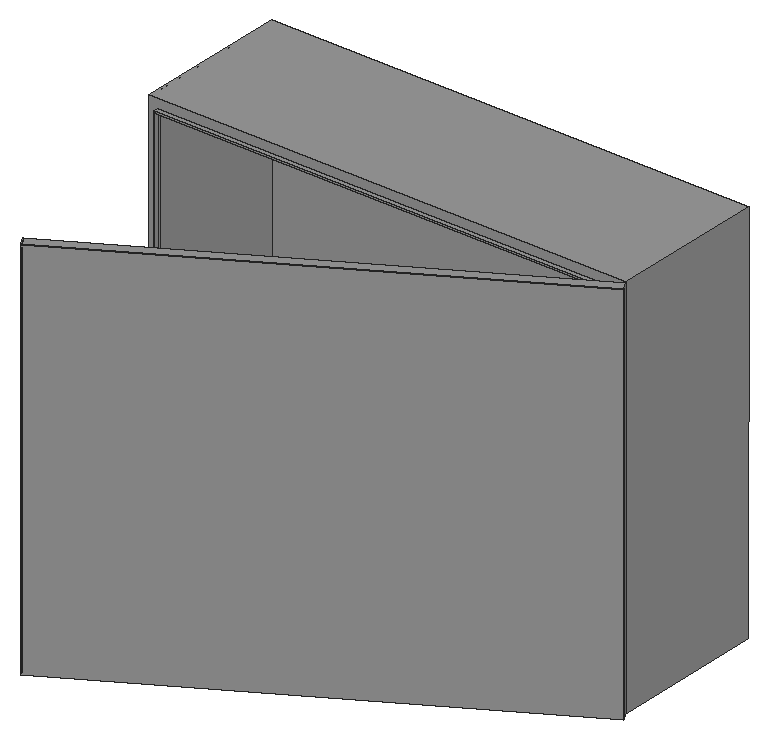
Revit family "Hager-Univers-IP55-D275-H650-Cl.II-Steel_encl-NoHosted-DE-de", category Equipement électrique, Revit 2020
Family settings
  Configuration du panneau = Deux colonnes, circuits au sein
  Cote de connecteur circulaire = Utiliser le diamètre
  Type d'élément = Tableau de raccordement
  Basée sur le plan de construction = Oui
  Toujours verticalement = Oui
  Couper avec des vides une fois chargée = Non
  Partagée = Non
  Point de calcul de pièce = Non
Parameters (values of type "Aufputz IP55 B800 H650 T275  - FR43S")
  Width Control [instance] = if([EF000008 - Breite] > Min Width, [EF000008 - Breite], Min Width)  # 800 mm
  Commentaires du type = [HG000003 - Bereich]  # "Univers"
  Thickness Door [instance] = if([EF009171 - Materialstärke Tür/Deckel] > 3 mm, 3 mm, [EF009171 - Materialstärke Tür/Deckel])  # 1.5 mm
  Seal Frame Offset [instance] = 17 mm  # constant formula
  Plinth Visibility [instance] = [HG000027 - Sockelhöhe] > 0 mm  # no
  Min Width [instance] = 100 mm  # constant formula
  Min Depth [instance] = (2 * [EF009170 - Materialstärke Gehäuse]) + 1 mm  # 4 mm
  Min Height [instance] = 100 mm  # constant formula
  Internal Frame Depth [instance] = (Door System Depth * 0.5)  # 9 mm
  Panel Name [instance] = ""  # (empty or 0)
  Model = ""
  HG000027 - Sockelhöhe = 0 mm
  HG000026 - Stehend auf dem Boden = no
  HG000024 - Höhe des unteren Teils = 600 mm
  HG000023 - Gehäuse mit doppeltem Querschnitt = no
  HG000016 - 3D-Türsichtbarkeit [instance] = yes
  HG000015 - Sichtbarkeit der Türöffnung [instance] = no
  HG000014 - Tür rechts [instance] = yes
  HG000013 - Tür links [instance] = not([HG000014 - Tür rechts])  # no
  HG000012 - Türschwenkwinkel [instance] = 30.00°
  HG000010 - Asymmetrische Türen = no
  HG000009 - Doppelflügeligen Tür = no
  HG000006 - Unterputz = no
  HG000004 - Herstellerreferenz = "FR43S"
  HG000003 - Bereich = "Univers"
  HG000002 - Mit tür = yes
  Frame Offset Bottom [instance] = 10 mm  # constant formula
  Frame Offset [instance] = 15 mm  # constant formula
  EF015940 - Deckel mit Überdruckentlastung = no
  EF011959 - Schutzart (NEMA) = ""
  EF009554 - Anzahl der Öffnungen für Flanschplatten = 6
  EF009212 - Ausführung Deckel = "EV000116 - geschlossen"
  EF009171 - Materialstärke Tür/Deckel = 1.5 mm
  EF009170 - Materialstärke Gehäuse = 1.5 mm
  EF008873 - Nennstrom (In) = 800 A
  EF007800 - Geeignet für Blitzschutz = no
  EF006306 - Mit Schloss = no
  EF006244 - Transparenter Deckel/Tür = no
  EF005474 - Schutzart (IP) = "EV006420 - IP55"
  EF004464 - Art der Tür = "EV002646 - Einzel"
  EF004427 - Anzahl der Module = 144
  EF004293 - Schlagfestigkeit = "EV008784 - IK10"
  EF003532 - Geeignet für Außengebrauch = no
  EF002950 - Breite in Teilungseinheiten = 24
  EF001613 - Funktionserhalt = "EV000494 - ohne"
  EF001596 - Werkstoff des Gehäuses = "EV000179 - Stahl"
  EF001131 - Innentiefe = 275 mm
  EF001088 - Anbaumöglichkeit = yes
  EF000437 - Anzahl der Leitungseinführungen = 6
  EF000339 - Art der Abdeckung = "EV004216 - Tür"
  EF000266 - Anzahl der Reihen = 4
  EF000218 - Einbautiefe = 0 mm
  EF000118 - Mit Montageplatte = no
  EF000116 - RAL-Nummer = "7035"
  EF000049 - Tiefe = 275 mm
  EF000040 - Höhe = 650 mm
  EF000008 - Breite = 800 mm
  EF000007 - Farbe = "EV000270 - grau"
  EF000003 - Montageart = "EV000384 - Aufputz"
  Door System Leaf Tolerance [instance] = 1.5 mm  # constant formula
  Door System Depth [instance] = 18 mm  # constant formula
  Door Height [instance] = Height Control - [HG000027 - Sockelhöhe]  # 650 mm
  Description = ""
  Default Elevation = 1219.2 mm
  Connector Offset [instance] = Height Control / 2  # 325 mm
  Fabricant = "Hager"  # constant formula
  Height Control [instance] = if([EF000040 - Höhe] > Min Height, [EF000040 - Höhe], Min Height)  # 650 mm
  Depth Control [instance] = if([EF000049 - Tiefe] > Min Depth, [EF000049 - Tiefe], Min Depth)  # 275 mm
  Bottom Top Plate Trim [instance] = 1.5 mm  # constant formula
  Plinth height Ctrl [instance] = if([HG000027 - Sockelhöhe] > 0 mm, [HG000027 - Sockelhöhe], 12 mm)  # 12 mm
Types (5, lengths in mm): name | Width Control | HG000010 - Asymmetrische Türen | HG000009 - Doppelflügeligen Tür | HG000004 - Herstellerreferenz | EF009554 - Anzahl der Öffnungen für Flanschplatten | EF004464 - Art der Tür | EF004427 - Anzahl der Module | EF000437 - Anzahl der Leitungseinführungen | EF000008 - Breite
  Aufputz IP55 B1050 H650 T275  - FR44S | 1050 | no | yes | "FR44S" | 8 | "EV003602 - Doppel" | 192 | 8 | 1050
  Aufputz IP55 B1300 H650 T275  - FR45S | 1300 | yes | yes | "FR45S" | 10 | "EV003602 - Doppel" | 240 | 10 | 1300
  Aufputz IP55 B300 H650 T275  - FR41S | 300 | no | no | "FR41S" | 2 | "EV002646 - Einzel" | 48 | 2 | 300
  Aufputz IP55 B550 H650 T275  - FR42S | 550 | no | no | "FR42S" | 4 | "EV002646 - Einzel" | 96 | 4 | 550
  Aufputz IP55 B800 H650 T275  - FR43S | 800 | no | no | "FR43S" | 6 | "EV002646 - Einzel" | 144 | 6 | 800
Reference planes
  plane 1 "Center (Front/Back)": y = 0
  plane 2: z = 0
  plane 3 "Center (Left/Right)": x = 0
  plane 4: y = 0
  plane 5: y = 0
  plane 6: z = 0
  plane 7: x = -400
  plane 8: x = 400
  plane 9: x = 398.5
  plane 10: x = -398.5
  plane 11: z = 0
  plane 12: z = 1.5
  plane 13: y = -275
  plane 14: y = -1.5
  plane 15: x = 0
  plane 16: y = -257
  plane 17: y = -273.5
  plane 18: y = -255.5
  plane 19: x = -383.5
  plane 20: x = 383.5
  plane 21: z = 11.5
  plane 22: x = -383
  plane 23: x = 383
  plane 24: z = 0
  plane 25: z = 650
  plane 26: z = 650
  plane 27: z = 633.5
  plane 28: z = 648.5
Forms (mm)
  Extrusion 1, solid, material "Hager_Steel_RAL7035_Light_Grey", detail levels medium+fine
    sketch origin (-208.679, -4572, 0) x (-1, 0, 0) y (0, -1, 0)
      loop
        line (191.321, -4315) -> (-608.679, -4315) -> (-608.679, -4572) -> (191.321, -4572) -> (191.321, -4315)
    from 0 to 650
  Extrusion 2, void
    sketch origin (-350.771, -275, 1219.2) x (1, 0, 0) y (0, 0, 1)
      loop
        line (-47.729, -570.7) -> (-47.729, -1217.7) -> (749.271, -1217.7) -> (749.271, -570.7) -> (-47.729, -570.7)
    from -19.5 to -273.5
  Extrusion 3, void
    sketch origin (-290.084, -257, 1219.2) x (1, 0, 0) y (0, 0, 1)
      loop
        line (-93.416, -1207.7) -> (673.584, -1207.7) -> (673.584, -585.7) -> (-93.416, -585.7) -> (-93.416, -1207.7)
    from 0 to -1.5
  Extrusion 4, solid, material "Hager_Steel_RAL7035_Light_Grey", visible <- "Plinth Visibility", detail levels medium+fine
    sketch origin (0, 0, 0) x (1, 0, 0) y (0, 1, 0)
      loop
        line (-400, 0) -> (-400, -257) -> (400, -257) -> (400, 0) -> (-400, 0)
    from 0 to 12 <- "Plinth height Ctrl"
  Extrusion 5, solid, material "Hager_Steel_RAL7035_Light_Grey", detail levels coarse
    sketch origin (0, 0, 0) x (1, 0, 0) y (0, 1, 0)
      loop
        line (-400, 0) -> (-400, -275) -> (400, -275) -> (400, 0) -> (-400, 0)
    from 0 to 650 <- "Height Control"
  Sweep 6, void
    path in 3D
      loop
        line (-400, -257, 12) -> (400, -257, 12) -> (400, 0, 12) -> (-400, 0, 12) -> (-400, -257, 12)
    profile origin (-400, -128.5, 12) x (1, 0, 0) y (0, 0, 1)
      loop
        line (0, 0) -> (0, -1.5) -> (1.5, -1.5)
        arc (1.5, -1.5) -> (1.061, -0.439) -> (0, 0) r 1.5
  Extrusion 7, solid, material "Hager_Steel_RAL7035_Light_Grey", detail levels fine
    sketch origin (-400, -257, 0) x (1, 0, 0) y (0, 0, 1)
      loop
        line (16.5, 11.5) -> (783.5, 11.5) -> (783.5, 633.5) -> (16.5, 633.5) -> (16.5, 11.5)
      loop
        line (15, 10) -> (785, 10) -> (785, 635) -> (15, 635) -> (15, 10)
    from 0 to 9 <- "Internal Frame Depth"
Cuts and joins
  Extrusion 2, Extrusion 3 cuts Extrusion 1
  Sweep 6 cuts Extrusion 4
Lines and regions (mm)
  Masking region 1
    outline origin (0, 0, 0) x (1, 0, 0) y (0, 1, 0)
      loop
        line (-400, 0) -> (-400, -275) -> (400, -275) -> (400, 0) -> (-400, 0)
  Masking region 2, detail levels coarse
    outline origin (-290.084, -257, 1219.2) x (-1, 0, 0) y (0, 0, 1)
      loop
        line (-690.084, -1219.2) -> (109.916, -1219.2) -> (109.916, -569.2) -> (-690.084, -569.2) -> (-690.084, -1219.2)
  Masking region 3, detail levels coarse
    outline origin (0, 0, 0) x (0, 1, 0) y (0, 0, 1)
      loop
        line (0, 0) -> (0, 650) -> (-275, 650) -> (-275, 0) -> (0, 0)
  Masking region 4, visible <- "Plinth Visibility", detail levels medium+fine
    outline origin (0, 0, 0) x (0, 1, 0) y (0, 0, 1)
      loop
        line (-1.5, 12) -> (-255.5, 12)
        arc (-255.5, 12) -> (-255.939, 10.939) -> (-257, 10.5) r 1.5
        line (-257, 10.5) -> (-257, 0) -> (0, 0) -> (0, 10.5)
        arc (0, 10.5) -> (-1.061, 10.939) -> (-1.5, 12) r 1.5
  Masking region 5, detail levels medium+fine
    outline origin (0, 0, 594.038) x (0, 1, 0) y (0, 0, 1)
      loop
        line (0, -594.038) -> (0, 55.962) -> (-257, 55.962) -> (-257, -594.038) -> (0, -594.038)
  Masking region 6, detail levels medium+fine
    outline origin (-359.7, -257, 1211.883) x (-1, 0, 0) y (0, 0, 1)
      loop
        line (-759.7, -1211.883) -> (40.3, -1211.883) -> (40.3, -561.883) -> (-759.7, -561.883) -> (-759.7, -1211.883)
  Masking region 7, visible <- "Plinth Visibility", detail levels medium+fine
    outline origin (-320.334, -257, 1041.368) x (-1, 0, 0) y (0, 0, 1)
      loop
        line (-720.334, -1041.368) -> (79.666, -1041.368) -> (79.666, -1030.868)
        arc (79.666, -1030.868) -> (78.606, -1030.429) -> (78.166, -1029.368) r 1.5
        line (78.166, -1029.368) -> (-718.834, -1029.368)
        arc (-718.834, -1029.368) -> (-719.273, -1030.429) -> (-720.334, -1030.868) r 1.5
        line (-720.334, -1030.868) -> (-720.334, -1041.368)
  sketch lines
    curve 1: line (-400, 0, 12) -> (-400, -257, 12)
    curve 2: line (-400, -257, 12) -> (400, -257, 12)
    curve 3: line (400, 0, 12) -> (-400, 0, 12)
    curve 4: line (400, -257, 12) -> (400, 0, 12)
Dimensions and locks
  locked: plane 1 "Center (Front/Back)" to plane 5
  "EF009170 - Materialstärke Gehäuse": plane 7 to plane 10
  "EF009170 - Materialstärke Gehäuse": plane 8 to plane 9
  equal spacing: plane 7, plane 3 "Center (Left/Right)", plane 8
  "Width Control": plane 7 to plane 8
  "Depth Control": plane 4 to plane 13
  "EF009170 - Materialstärke Gehäuse": plane 4 to plane 14
  "Height Control": plane 25 to level
  "HG000027 - Sockelhöhe": plane 11 to level
  "EF009170 - Materialstärke Gehäuse": plane 12 to plane 11
  "EF009170 - Materialstärke Gehäuse": plane 17 to plane 13
  "EF009170 - Materialstärke Gehäuse": plane 18 to plane 16
  "Frame Offset Bottom": plane 21 to plane 12
  "Frame Offset": plane 10 to plane 19
  "Frame Offset": plane 9 to plane 20
  "Door System Depth": plane 16 to plane 13
  "Seal Frame Offset": plane 7 to plane 22
  "Seal Frame Offset": plane 8 to plane 23
  "EF009170 - Materialstärke Gehäuse": plane 26 to plane 28
  "Frame Offset": plane 28 to plane 27
  "Connector Offset": plane 2 to connector elem
  "Bottom Top Plate Trim": profile plane to Sweep 6 sketch curve
  "Bottom Top Plate Trim": Sweep 6 sketch curve to Sweep 6 sketch curve
  "Plinth height Ctrl": Masking region 4 sketch curve to level
  "Plinth height Ctrl": Masking region 7 sketch curve to level
  "Thickness Door": Extrusion 7 sketch curve to Extrusion 7 sketch curve  (x4)
  "Bottom Top Plate Trim": radius of Sweep 6 sketch curve
  "Bottom Top Plate Trim": radius of Masking region 4 sketch curve  (x2)
  "Bottom Top Plate Trim": radius of Masking region 7 sketch curve  (x2)
  aligned and locked: Extrusion 2 sketch curve to plane 12
  aligned and locked: Extrusion 2 sketch curve to plane 9
  aligned and locked: Extrusion 2 sketch curve to plane 10
  aligned and locked: Extrusion 2 to plane 14
  aligned and locked: Extrusion 1 sketch curve to plane 4
  aligned and locked: plane 8 to Extrusion 1 sketch curve
  aligned and locked: plane 7 to Extrusion 1 sketch curve
  aligned and locked: Extrusion 2 to plane 18
  aligned and locked: Extrusion 3 sketch curve to plane 19
  aligned and locked: plane 20 to Extrusion 3 sketch curve
  aligned and locked: Extrusion 3 to Extrusion 2
  aligned and locked: Extrusion 3 sketch curve to plane 21
  aligned and locked: plane 3 "Center (Left/Right)" to nested 1
  aligned and locked: Extrusion 1 sketch curve to plane 16
  aligned and locked: Extrusion 4 sketch curve to cut or joined group of Extrusion 1, Extrusion 2, Extrusion 3
  aligned and locked: Masking region 1 sketch curve to plane 7
  aligned and locked: Masking region 1 sketch curve to plane 5
  aligned and locked: Masking region 1 sketch curve to plane 8
  aligned and locked: Masking region 2 sketch curve to level
  aligned and locked: level to Masking region 3 sketch curve
  aligned and locked: plane 1 "Center (Front/Back)" to Masking region 3 sketch curve
  aligned and locked: plane 13 to Masking region 3 sketch curve
  aligned and locked: plane 5 to Masking region 4 sketch curve
  aligned and locked: Masking region 2 sketch curve to plane 8
  aligned and locked: Masking region 2 sketch curve to plane 7
  aligned and locked: plane 7 to nested 2
  aligned and locked: nested 2 to plane 5
  aligned and locked: plane 5 to Masking region 5 sketch curve
  aligned and locked: plane 26 to Masking region 5 sketch curve
  aligned and locked: Extrusion 5 sketch curve to plane 8
  aligned and locked: Extrusion 5 sketch curve to plane 7
  aligned and locked: Extrusion 5 sketch curve to plane 5
  aligned and locked: Extrusion 3 sketch curve to plane 27
  aligned and locked: Extrusion 2 sketch curve to plane 28
  aligned and locked: Masking region 2 to plane 25
  aligned and locked: Extrusion 4 to plane 16
  aligned and locked: profile plane to Sweep 6 sketch curve
  aligned and locked: Masking region 5 sketch curve to plane 24
  aligned and locked: level to Masking region 4 sketch curve
  aligned and locked: Masking region 1 to plane 13
  aligned and locked: nested 1 to plane 16
  aligned and locked: Masking region 3 to plane 25
  aligned and locked: plane 16 to Masking region 4 sketch curve
  aligned and locked: Masking region 5 sketch curve to plane 16
  aligned and locked: plane 24 to plane 11
  aligned and locked: plane 26 to plane 25
  aligned and locked: plane 26 to cut or joined group of Extrusion 1, Extrusion 2, Extrusion 3
  aligned and locked: nested 1 to plane 24
  aligned and locked: Extrusion 1 to Extrusion 3
  aligned and locked: Masking region 6 sketch curve to plane 8
  aligned and locked: Masking region 6 sketch curve to plane 24
  aligned and locked: Masking region 6 sketch curve to plane 7
  aligned and locked: Masking region 6 sketch curve to plane 26
  aligned and locked: Masking region 7 sketch curve to plane 7
  aligned and locked: level to Masking region 7 sketch curve
  aligned and locked: Masking region 7 sketch curve to plane 8
  aligned and locked: Extrusion 7 sketch curve to cut or joined group of Extrusion 1, Extrusion 2, Extrusion 3  (x4)
Automatic sketch dimensions
  plane 19 to Extrusion 3 sketch curve = 0 mm
  Extrusion 3 sketch curve to plane 20 = 0 mm
  Extrusion 3 sketch curve to plane 21 = 0 mm
  Extrusion 4 sketch curve to plane 7 = 0 mm
  Extrusion 4 sketch curve to plane 8 = 0 mm
  Extrusion 4 sketch curve to plane 16 = 0 mm
  Masking region 1 sketch curve to plane 13 = 0 mm
  Masking region 2 sketch curve to plane 25 = 0 mm
  Masking region 3 sketch curve to plane 25 = 0 mm
  Extrusion 5 sketch curve to plane 13 = 0 mm
  profile plane to Sweep 6 sketch curve = 0 mm
Nested families
  nested 1: "EC000058_Univers_Door" at (0, -257, 0), Double <- "HG000009 - Doppelflügeligen Tür", Transparent <- "EF006244 - Transparenter Deckel/Tür", Angle <- "HG000012 - Türschwenkwinkel", Door_Right <- "HG000014 - Tür rechts", Assymetrical <- "HG000010 - Asymmetrische Türen", Door <- "HG000002 - Mit tür", Width_Ctrl <- "Width Control", 3d_Door <- "HG000016 - 3D-Türsichtbarkeit", Clearance <- "HG000015 - Sichtbarkeit der Türöffnung", Door_Left <- "HG000013 - Tür links", Width <- "Width Control", Door_Depth <- "Door System Depth", Leaf_Tolerance <- "Door System Leaf Tolerance", Height <- "Door Height", Lock_Visibility <- "EF006306 - Mit Schloss", Thickness <- "Thickness Door", type "EC000058_Univers_Door", detail levels medium+fine
    with min_wh 4 mm, Width_Ctrl 800 mm, Width 800 mm, Transparent no, Thickness 1.5 mm, Seal_Material Hager_Rubber, Lock_Visibility no, Lock_Material Hager_Plastic_RAL9005_Jet_Black, Leaf_Width 800 mm, Leaf_Tolerance_External_Sides 0 mm, Leaf_Tolerance 1.5 mm, Leaf_Offset 0 mm, Leaf_Height 647 mm, Leaf_2_Width 800 mm, Leaf_2_Offset 400 mm, Leaf_1_Width 800 mm, Leaf_1_Offset 400 mm, Height_Ctrl 650 mm, Height 650 mm, Glass_Material Hager_Glass, Double_Clearance_Ctrl no, Double no, Door_Right_Ctrl yes, Door_Right yes, Door_Material Hager_Steel_RAL7035_Light_Grey, Door_Left_Ctrl no, Door_Left no, Door_Depth 18 mm, Door yes, Clearance_Material Hager_Clearance, Clearance_Depth 800 mm, Clearance_Ctrl no, Clearance no, Assymetrical no, Angle 30.00°, 3d_Door yes
  nested 2: "Hager_Enclosure_Symbol" at (-400, 0, 0), Height <- "Depth Control", Width <- "Width Control", type "Hager_Enclosure_Symbol"
    with Width_Ctrl 800 mm, Width 800 mm, Height_Ctrl 275 mm, Height 275 mm, A_Width_Int 18.047 mm, A_Width 216.562 mm, A_Height_Ctrl 240.625 mm, A_Height 240.625 mm
Connectors
  electrical at (0, 0, 325)
    settings: on plane 1 "Center (Front/Back)", index 1, voltage 0 V, apparent load 0 VA, apparent load phase1 0 VA, apparent load phase2 0 VA, apparent load phase3 0 VA, power factor 1, load classification "Other", number of poles 1, system type 30, power factor state 1, is connector primary yes, connector utility no, sub classification motor no, connector description ""
Definition of nested family "EC000058_Univers_Door"
  Parameters (values of type "EC000058_Univers_Door")
    min_wh [instance] = (2 * Thickness) + 1 mm  # 11 mm
    Width_Ctrl [instance] = 400 mm
    Width [instance] = 500 mm
    Transparent [instance] = yes
    Thickness [instance] = 5 mm
    Seal_Material [instance] = none
    Lock_Visibility [instance] = yes
    Lock_Material [instance] = none
    Leaf_Width [instance] = if((Width_Ctrl - 2 * Leaf_Tolerance_External_Sides) > 0 mm, (Width_Ctrl - 2 * Leaf_Tolerance_External_Sides), min_wh)  # 400 mm
    Leaf_Tolerance_External_Sides [instance] = 0 mm  # constant formula
    Leaf_Tolerance [instance] = 1.5 mm
    Leaf_Offset [instance] = 0 mm  # constant formula
    Leaf_Height [instance] = if((Height_Ctrl - 2 * Leaf_Tolerance) > 0 mm, (Height_Ctrl - 2 * Leaf_Tolerance), min_wh)  # 497 mm
    Leaf_2_Width [instance] = if(and(and(Double, Assymetrical), Door_Left), (Leaf_Width / 3) - (Leaf_Tolerance / 2), if(and(and(Double, Assymetrical), Door_Right), (Leaf_Width / 3) * 2 - (Leaf_Tolerance / 2), if(and(Double, not(Assymetrical)), (Leaf_Width / 2) - Leaf_Tolerance, Leaf_Width)))  # 400 mm
    Leaf_2_Offset [instance] = if(and(Double, Assymetrical), Leaf_2_Width / 2, if(and(Double, not(Assymetrical)), Leaf_Width / 4, Leaf_Width / 2))  # 200 mm
    Leaf_1_Width [instance] = if(and(and(Double, Assymetrical), Door_Right), (Leaf_Width / 3) - (Leaf_Tolerance / 2), if(and(and(Double, Assymetrical), Door_Left), (Width / 3) * 2 - (Leaf_Tolerance / 2), if(and(Double, not(Assymetrical)), (Leaf_Width / 2) - Leaf_Tolerance, Leaf_Width)))  # 400 mm
    Leaf_1_Offset [instance] = if(and(Double, Assymetrical), Leaf_1_Width / 2, if(and(Double, not(Assymetrical)), Leaf_Width / 4, Leaf_Width / 2))  # 200 mm
    Height_Ctrl [instance] = if(Height > min_wh, Height, min_wh)  # 500 mm
    Height [instance] = 500 mm
    Glass_Material [instance] = none
    Double_Clearance_Ctrl [instance] = and(Double, Clearance)  # no
    Double [instance] = no
    Door_Right_Ctrl [instance] = and(or(Door_Right, Double), Door)  # yes
    Door_Right [instance] = yes
    Door_Material [instance] = none
    Door_Left_Ctrl [instance] = and(or(Door_Left, Double), Door)  # no
    Door_Left [instance] = no
    Door_Depth [instance] = 30 mm
    Door [instance] = yes
    Default Elevation = 1219.2 mm
    Clearance_Material [instance] = none
    Clearance_Depth [instance] = if(Leaf_1_Width > Leaf_2_Width, Leaf_1_Width, Leaf_2_Width)  # 400 mm
    Clearance_Ctrl [instance] = and(not(Double), Clearance)  # yes
    Clearance [instance] = yes
    Assymetrical [instance] = yes
    Angle [instance] = 30.00°
    3d_Door [instance] = yes
  Reference planes
    plane 1 "Center (Front/Back)": y = 0
    plane 2 "Bottom": z = 0
    plane 3 "Center (Left/Right)": x = 0
    plane 4: z = 500
    plane 5: x = -200
    plane 6: x = 200
    plane 7: z = 500
    plane 8: x = -200
    plane 9: z = 0
    plane 10: x = 200
    plane 11: y = 0
    plane 12: z = 1.5
    plane 13: x = -600
    plane 14: y = -400
    plane 15: x = 600
    plane 16: x = 0
    plane 17: x = 0
    plane 18: x = -200
    plane 19: x = 200
    plane 20: z = 498.5
  Forms (mm)
    Extrusion 1, solid, material <- "Clearance_Material", visible <- "Double_Clearance_Ctrl"
      sketch origin (1200, 0, 0) x (1, 0, 0) y (0, 0, -1)
        loop
          line (-1800, -498.5) -> (-600, -498.5) -> (-600, 0) -> (-1800, 0) -> (-1800, -498.5)
      from 0 to -400
  Dimensions and locks
    equal spacing: plane 5, plane 3 "Center (Left/Right)", plane 6
    "Width_Ctrl": plane 5 to plane 6
    "Leaf_Offset": plane 5 to plane 8
    "Leaf_Offset": plane 6 to plane 10
    "Leaf_Offset": plane 9 to level
    "Leaf_Offset": plane 4 to plane 7
    "Height_Ctrl": plane 4 to level
    "Leaf_Tolerance": plane 12 to plane 9
    locked: plane 11 to plane 1 "Center (Front/Back)"
    "Leaf_1_Offset": plane 18 to plane 16
    "Leaf_2_Offset": plane 17 to plane 19
    "Leaf_1_Width": plane 13 to plane 8
    "Leaf_2_Width": plane 10 to plane 15
    "Clearance_Depth": plane 14 to plane 1 "Center (Front/Back)"
    "Leaf_Tolerance_External_Sides": plane 8 to plane 18
    "Leaf_Tolerance_External_Sides": plane 19 to plane 10
    "Leaf_Tolerance": plane 7 to plane 20
    aligned and locked: level to plane 2 "Bottom"
    aligned and locked: nested 1 to plane 16
    aligned and locked: nested 2 to plane 17
    aligned and locked: Extrusion 1 to plane 13
    aligned and locked: plane 15 to Extrusion 1
    aligned and locked: Extrusion 1 to plane 14
    aligned and locked: plane 12 to nested 1
    aligned and locked: nested 2 to plane 12
    aligned and locked: Extrusion 1 to plane 11
    aligned and locked: plane 20 to Extrusion 1
    aligned and locked: nested 2 to plane 11
    aligned and locked: nested 1 to plane 11
  Automatic sketch dimensions
    Extrusion 1 sketch curve to level = 0 mm
    plane 5 to Extrusion 1 sketch curve = 400 mm
    plane 6 to Extrusion 1 sketch curve = 400 mm
    Extrusion 1 sketch curve to plane 4 = 1.5 mm
  Nested families
    nested 1: "EC000058_Univers_Door_Leaf" at (0, 0, 1.5), Width <- "Leaf_1_Width", visible <- "Door_Left_Ctrl", Leaf_Height <- "Leaf_Height", Angle <- "Angle", 3d_Door <- "3d_Door", Transparent <- "Transparent", Clearance Material <- "Clearance_Material", Clearance <- "Clearance_Ctrl", Door_Material <- "Door_Material", Glass_Material <- "Glass_Material", Door_Depth <- "Door_Depth", Lock_Material <- "Lock_Material", Seal_Material <- "Seal_Material", Lock_Visibility <- "Lock_Visibility", Thickness <- "Thickness", type "EC000058_Univers_Door_Leaf"
      with Width 400 mm, Transparent_Glass_Offset 30 mm, Transparent_Ctrl yes, Transparent yes, Thickness 5 mm, Standard no, Seal_Material none, Seal_D2 8 mm, Seal_D1 1 mm, Offset_Internal_Frame 10 mm, Lock_Width 20 mm, Lock_Visibility_3d yes, Lock_Visibility yes, Lock_Thickness_3 3 mm, Lock_Thickness_2 1 mm, Lock_Thickness_1 3 mm, Lock_Radius_Offset_2 16 mm, Lock_Radius_Offset_1 15 mm, Lock_Radius_2 5 mm, Lock_Radius 6 mm, Lock_Offset 5 mm, Lock_Material none, Lock_Height 80 mm, Lock_Cover_Top_Offset_2d 17 mm, Lock_Cover_Height -65 mm, Leaf_Height 497 mm, Internal_Seal_Thickness 8 mm, Internal_Seal_Depth_2 4.5 mm, Internal_Frame_Depth 25 mm, Glass_Thickness -1 mm, Glass_Offset -2 mm, Glass_Material none, Door_Material none, Door_Depth 30 mm, Clearance Material none, Clearance yes, Angle_Ctrl 30.00°, Angle 30.00°, 3d_Door yes
    nested 2: "EC000058_Univers_Door_Leaf" at (0, 0, 1.5) x (-1, 0, 0) z (0, 0, 1), Width <- "Leaf_2_Width", visible <- "Door_Right_Ctrl", Leaf_Height <- "Leaf_Height", Angle <- "Angle", 3d_Door <- "3d_Door", Transparent <- "Transparent", Clearance Material <- "Clearance_Material", Clearance <- "Clearance_Ctrl", Door_Material <- "Door_Material", Glass_Material <- "Glass_Material", Door_Depth <- "Door_Depth", Lock_Material <- "Lock_Material", Seal_Material <- "Seal_Material", Lock_Visibility <- "Lock_Visibility", Thickness <- "Thickness", type "EC000058_Univers_Door_Leaf"
      with Width 400 mm, Transparent_Glass_Offset 30 mm, Transparent_Ctrl yes, Transparent yes, Thickness 5 mm, Standard no, Seal_Material none, Seal_D2 8 mm, Seal_D1 1 mm, Offset_Internal_Frame 10 mm, Lock_Width 20 mm, Lock_Visibility_3d yes, Lock_Visibility yes, Lock_Thickness_3 3 mm, Lock_Thickness_2 1 mm, Lock_Thickness_1 3 mm, Lock_Radius_Offset_2 16 mm, Lock_Radius_Offset_1 15 mm, Lock_Radius_2 5 mm, Lock_Radius 6 mm, Lock_Offset 5 mm, Lock_Material none, Lock_Height 80 mm, Lock_Cover_Top_Offset_2d 17 mm, Lock_Cover_Height -65 mm, Leaf_Height 497 mm, Internal_Seal_Thickness 8 mm, Internal_Seal_Depth_2 4.5 mm, Internal_Frame_Depth 25 mm, Glass_Thickness -1 mm, Glass_Offset -2 mm, Glass_Material none, Door_Material none, Door_Depth 30 mm, Clearance Material none, Clearance yes, Angle_Ctrl 30.00°, Angle 30.00°, 3d_Door yes
  Definition of nested family "EC000058_Univers_Door_Leaf"
    Parameters (values of type "EC000058_Univers_Door_Leaf")
      Width [instance] = 2000 mm
      Transparent_Glass_Offset [instance] = 30 mm
      Transparent_Ctrl [instance] = and(Transparent, [3d_Door])  # yes
      Transparent [instance] = yes
      Thickness [instance] = 5 mm
      Standard [instance] = and(not(Transparent), [3d_Door])  # no
      Seal_Material [instance] = none
      Seal_D2 [instance] = 8 mm  # constant formula
      Seal_D1 [instance] = 1 mm  # constant formula
      Offset_Internal_Frame [instance] = 10 mm  # constant formula
      Lock_Width [instance] = 20 mm  # constant formula
      Lock_Visibility_3d [instance] = and(Lock_Visibility, [3d_Door])  # yes
      Lock_Visibility [instance] = yes
      Lock_Thickness_3 [instance] = 3 mm  # constant formula
      Lock_Thickness_2 [instance] = 1 mm  # constant formula
      Lock_Thickness_1 [instance] = 3 mm  # constant formula
      Lock_Radius_Offset_2 [instance] = Lock_Radius_Offset_1 + 1 mm  # 16 mm
      Lock_Radius_Offset_1 [instance] = 15 mm  # constant formula
      Lock_Radius_2 [instance] = Lock_Radius - 1 mm  # 5 mm
      Lock_Radius [instance] = 6 mm  # constant formula
      Lock_Offset [instance] = 5 mm  # constant formula
      Lock_Material [instance] = none
      Lock_Height [instance] = 80 mm  # constant formula
      Lock_Cover_Top_Offset_2d [instance] = Lock_Radius_Offset_2 + 1 mm  # 17 mm
      Lock_Cover_Height [instance] = -(Lock_Height - Lock_Radius_Offset_1)  # -65 mm
      Leaf_Height [instance] = 2720.336 mm
      Internal_Seal_Thickness [instance] = 8 mm  # constant formula
      Internal_Seal_Depth_2 [instance] = 4.5 mm  # constant formula
      Internal_Frame_Depth [instance] = if(Door_Depth - Thickness > 5 mm, Door_Depth - Thickness, 5 mm)  # 25 mm
      Glass_Thickness [instance] = if(Thickness > 15 mm, Glass_Offset + 10 mm, -1 mm)  # -1 mm
      Glass_Offset [instance] = if(Thickness > 15 mm, -(Thickness + 10 mm) / 2, -2 mm)  # -2 mm
      Glass_Material [instance] = none
      Door_Material [instance] = none
      Door_Depth [instance] = 30 mm
      Default Elevation = 0 mm
      Clearance Material [instance] = none
      Clearance [instance] = yes
      Angle_Ctrl [instance] = if(Angle > 180.00°, 180.00°, Angle)  # 90.00°
      Angle [instance] = 90.00°
      3d_Door [instance] = yes
    Reference planes
      plane 1 "Center (Front/Back)": y = 0
      plane 2: z = 0
      plane 3 "Center (Left/Right)": x = 0
      plane 4: y = 2000
      plane 5: x = -1000
      plane 6: x = 1000
      plane 7: x = -3000
      plane 8: z = 2720.336
      plane 9: z = 30
      plane 10: z = 2690.336
      plane 11: x = 970
      plane 12: x = -970
      plane 13: y = -3
      plane 14: z = 107.833
      plane 15: y = -5
      plane 16: y = -223.314
      plane 17: x = -1000
      plane 18: z = 1360.168
      plane 19: y = 30
    Forms (mm)
      Extrusion 1, solid, material <- "Clearance Material", visible <- "Clearance"
        sketch origin (0, 0, 0) x (1, 0, 0) y (0, 0, 1)
          loop
            line (-3000, 2720.336) -> (-3000, 0) -> (1000, 0) -> (1000, 2720.336) -> (-3000, 2720.336)
        from 0 to -2000
      Extrusion 2, solid, material <- "Door_Material", visible <- "Standard", detail levels medium+fine
        sketch origin (-1000, 0, 0) x (0, 1, 0) y (-1, 0, 0)
          loop
            line (0, 30) -> (0, 25) -> (2000, 25) -> (2000, 30) -> (0, 30)
        from 0 to 2720.336 <- "Leaf_Height"
      Extrusion 3, solid, material <- "Door_Material", visible <- "Transparent_Ctrl", detail levels medium+fine
        sketch origin (-1000, 0, 0) x (0, 1, 0) y (-1, 0, 0)
          loop
            line (0, 25) -> (2000, 25) -> (2000, 30) -> (0, 30) -> (0, 25)
        from 0 to 2720.336 <- "Leaf_Height"
      Extrusion 4, void
        sketch origin (-1025, 2000, 0) x (0, 1, 0) y (0, 0, -1)
          loop
            line (-30, -2690.336) -> (-30, -30) -> (-1970, -30) -> (-1970, -2690.336) -> (-30, -2690.336)
        from 0 to 5 <- "Thickness"
      Sweep 5, solid, material <- "Seal_Material", visible <- "Transparent_Ctrl", detail levels fine
        path in 3D
          loop
            line (-1025, 30, 30) -> (-1025, 30, 2690.336) -> (-1025, 1970, 2690.336) -> (-1025, 1970, 30) -> (-1025, 30, 30)
        profile origin (-1025, 1000, 30) x (1, 0, 0) y (0, 0, 1)
          loop
            line (0, 0) -> (0, -8) -> (1, -8) -> (1, 0) -> (0, 0)
      Extrusion 6, solid, material <- "Glass_Material", visible <- "Transparent_Ctrl", detail levels medium+fine
        sketch origin (-1030, 0, 0) x (0, 1, 0) y (0, 0, -1)
          loop
            line (1970, -2690.336) -> (1970, -30) -> (30, -30) -> (30, -2690.336) -> (1970, -2690.336)
        from -2 <- "Glass_Offset" to -1 <- "Glass_Thickness"
      Extrusion 7, solid, material <- "Door_Material", visible <- "3d_Door", detail levels medium+fine
        sketch origin (-1025, 2000, 0) x (0, -1, 0) y (0, 0, -1)
          loop
            line (0, -2720.336) -> (2000, -2720.336) -> (2000, 0) -> (0, 0) -> (0, -2720.336)
          loop
            line (1995, -5) -> (5, -5) -> (5, -2715.336) -> (1995, -2715.336) -> (1995, -5)
        from 0 to 25 <- "Internal_Frame_Depth"
      Sweep 8, solid, material <- "Seal_Material", visible <- "Transparent_Ctrl", detail levels fine
        path in 3D
          loop
            line (-1025, 0, 0) -> (-1025, 2000, 0) -> (-1025, 2000, 2720.336) -> (-1025, 0, 2720.336) -> (-1025, 0, 0)
        profile origin (-1025, 0, 1360.168) x (1, 0, 0) y (0, 1, 0)
          loop
            line (0, 10) -> (2.975, 10)
            arc (2.975, 10) -> (4.053, 10.447) -> (4.5, 11.525) r 1.525
            line (4.5, 11.525) -> (4.5, 16.527)
            arc (4.5, 16.527) -> (4.069, 17.569) -> (3.027, 18) r 1.473
            line (3.027, 18) -> (0, 18) -> (0, 10)
      Extrusion 9, solid, material <- "Lock_Material", visible <- "Lock_Visibility_3d", detail levels fine
        sketch origin (-1030, 0, 0) x (0, 1, 0) y (0, 0, -1)
          loop
            arc (1993.5, -1400.168) -> (1994.561, -1399.729) -> (1995, -1398.668) r 1.5
            line (1995, -1398.668) -> (1995, -1320.168) -> (1975, -1320.168) -> (1975, -1398.668)
            arc (1975, -1398.668) -> (1975.439, -1399.729) -> (1976.5, -1400.168) r 1.5
            line (1976.5, -1400.168) -> (1993.5, -1400.168)
        from 3 <- "Lock_Thickness_1" to 0
      Blend 10, solid, material <- "Lock_Material", visible <- "Lock_Visibility_3d", detail levels fine
        base sketch origin (-1033, 0, 0) x (0, 1, 0) y (0, 0, -1)
          loop
            line (1975, -1320.168) -> (1975, -1398.668)
            arc (1975, -1398.668) -> (1975.439, -1399.729) -> (1976.5, -1400.168) r 1.5
            line (1976.5, -1400.168) -> (1993.5, -1400.168)
            arc (1993.5, -1400.168) -> (1994.561, -1399.729) -> (1995, -1398.668) r 1.5
            line (1995, -1398.668) -> (1995, -1320.168) -> (1975, -1320.168)
        top sketch origin (-1033, 0, 0) x (0, 1, 0) y (0, 0, -1)
          loop
            line (1976, -1320.168) -> (1976, -1398.668)
            arc (1976, -1398.668) -> (1976.146, -1399.022) -> (1976.5, -1399.168) r 0.5
            line (1976.5, -1399.168) -> (1993.5, -1399.168)
            arc (1993.5, -1399.168) -> (1993.854, -1399.022) -> (1994, -1398.668) r 0.5
            line (1994, -1398.668) -> (1994, -1320.168) -> (1976, -1320.168)
        from 0 to 1 <- "Lock_Thickness_2"
      Blend 11, solid, material <- "Lock_Material", visible <- "Lock_Visibility_3d", detail levels fine
        base sketch origin (-1034, 0, 0) x (0, 1, 0) y (0, 0, -1)
          loop
            line (1978, -1320.168) -> (1978, -1384.168)
            arc (1978, -1384.168) -> (1985, -1391.168) -> (1992, -1384.168) r 7
            line (1992, -1384.168) -> (1992, -1320.168) -> (1978, -1320.168)
        top sketch origin (-1034, 0, 0) x (0, 1, 0) y (0, 0, -1)
          loop
            line (1991, -1320.168) -> (1979, -1320.168) -> (1979, -1383.168)
            arc (1979, -1383.168) -> (1985, -1389.168) -> (1991, -1383.168) r 6
            line (1991, -1383.168) -> (1991, -1320.168)
        from 0 to 3 <- "Lock_Thickness_3"
      Extrusion 12, solid, material <- "Lock_Material", visible <- "Lock_Visibility_3d", detail levels fine
        sketch origin (-1030, 1975, 1320.168) x (1, 0, 0) y (0, -1, 0)
          loop
            line (-7, -19) -> (-7, -1) -> (0, -1) -> (0, 0) -> (-8, 0) -> (-8, -20) -> (0, -20) -> (0, -19) -> (-7, -19)
        from 0 to -65 <- "Lock_Cover_Height"
      Extrusion 13, void
        sketch origin (-1038, 1995, 1320.168) x (-1, 0, 0) y (0, 0, -1)
          loop
            line (-5, -65) -> (0, -65) -> (-5, -60) -> (-5, -65)
        from 0 to 20 <- "Lock_Width"
      Extrusion 14, void
        sketch origin (-1038, 1975, 1320.168) x (0, -1, 0) y (0, 0, -1)
          loop
            circle (-10, -15.995) r 6
          loop
            circle (-10, -15.995) r 5
        from 0 to 2
      Extrusion 15, solid, material <- "Lock_Material", visible <- "Lock_Visibility_3d", detail levels medium
        sketch origin (-1030, 0, 0) x (0, 1, 0) y (0, 0, -1)
          loop
            arc (1993.5, -1400.168) -> (1994.561, -1399.729) -> (1995, -1398.668) r 1.5
            line (1995, -1398.668) -> (1995, -1320.168) -> (1975, -1320.168) -> (1975, -1398.668)
            arc (1975, -1398.668) -> (1975.439, -1399.729) -> (1976.5, -1400.168) r 1.5
            line (1976.5, -1400.168) -> (1993.5, -1400.168)
        from 8 to 0
    Cuts and joins
      Extrusion 4 cuts Extrusion 3
      Extrusion 13, Extrusion 14 cuts Extrusion 9
      Extrusion 14 cuts Blend 11
      Extrusion 13, Extrusion 14 cuts Extrusion 12
      joined: Extrusion 9, Blend 10, Blend 11, Extrusion 12
      Extrusion 14 cuts Extrusion 15
    Lines and regions (mm)
      Masking region 1, visible <- "Lock_Visibility", detail levels fine
        outline origin (0, 0, 0) x (0, 1, 0) y (0, 0, 1)
          loop
            line (30, 1320.168) -> (33, 1320.168) -> (33, 1400.168) -> (30, 1400.168) -> (30, 1320.168)
      Masking region 2, visible <- "Lock_Visibility", detail levels fine
        outline origin (0, 3.143, 0) x (0, 1, 0) y (0, 0, 1)
          loop
            line (29.857, 1354.168) -> (30.857, 1354.168) -> (30.857, 1366.168) -> (29.857, 1366.168) -> (29.857, 1354.168)
      Masking region 3, detail levels medium+fine
        outline origin (0, 0, 0) x (0, 1, 0) y (0, 0, 1)
          loop
            line (0, 0) -> (30, 0) -> (30, 2720.336) -> (0, 2720.336) -> (0, 0)
      Masking region 4, detail levels medium+fine
        outline origin (0, 0, 0) x (1, 0, 0) y (0, 0, 1)
          loop
            line (-1000, 2720.336) -> (-1000, 0) -> (1000, 0) -> (1000, 2720.336) -> (-1000, 2720.336)
      Masking region 5, visible <- "Lock_Visibility", detail levels fine
        outline origin (-47.116, 0, 0) x (1, 0, 0) y (0, 0, 1)
          loop
            arc (1024.616, 1399.168) -> (1023.556, 1398.729) -> (1023.116, 1397.668) r 1.5
            line (1023.116, 1397.668) -> (1023.116, 1320.168) -> (1041.116, 1320.168) -> (1041.116, 1397.668)
            arc (1041.116, 1397.668) -> (1040.677, 1398.729) -> (1039.616, 1399.168) r 1.5
            line (1039.616, 1399.168) -> (1024.616, 1399.168)
      Masking region 6, visible <- "Lock_Visibility", detail levels medium+fine
        outline origin (-25, 0, 0) x (1, 0, 0) y (0, 0, 1)
          loop
            arc (1001.5, 1400.168) -> (1000.439, 1399.729) -> (1000, 1398.668) r 1.5
            line (1000, 1398.668) -> (1000, 1320.168) -> (1020, 1320.168) -> (1020, 1398.668)
            arc (1020, 1398.668) -> (1019.561, 1399.729) -> (1018.5, 1400.168) r 1.5
            line (1018.5, 1400.168) -> (1001.5, 1400.168)
      Masking region 7, visible <- "Lock_Visibility", detail levels fine
        outline origin (-73.735, 0, 0) x (1, 0, 0) y (0, 0, 1)
          loop
            line (1051.735, 1382.168) -> (1065.735, 1382.168) -> (1065.735, 1384.168)
            arc (1065.735, 1384.168) -> (1058.735, 1391.168) -> (1051.735, 1384.168) r 7
            line (1051.735, 1384.168) -> (1051.735, 1382.168)
      Masking region 8, visible <- "Lock_Visibility", detail levels fine
        outline origin (-73.735, 0, 0) x (1, 0, 0) y (0, 0, 1)
          loop
            line (1052.735, 1382.168) -> (1064.735, 1382.168) -> (1064.735, 1383.168)
            arc (1064.735, 1383.168) -> (1058.735, 1389.168) -> (1052.735, 1383.168) r 6
            line (1052.735, 1383.168) -> (1052.735, 1382.168)
      Masking region 9, visible <- "Lock_Visibility", detail levels fine
        outline origin (-25, 0, 0) x (1, 0, 0) y (0, 0, 1)
          loop
            line (1020, 1320.168) -> (1020, 1382.168) -> (1000, 1382.168) -> (1000, 1320.168) -> (1020, 1320.168)
      Masking region 10, detail levels medium+fine
        outline origin (0, 0, 0) x (1, 0, 0) y (0, 0, 1)
          loop
            circle (985, 1335.144) r 6
      Masking region 11, detail levels fine
        outline origin (0, 0, 0) x (1, 0, 0) y (0, 0, 1)
          loop
            circle (985, 1335.144) r 5
      Masking region 12, visible <- "Lock_Visibility", detail levels fine
        outline origin (0, 12.767, 0) x (0, 1, 0) y (0, 0, 1)
          loop
            line (20.233, 1320.168) -> (21.233, 1320.168) -> (21.233, 1399.168) -> (20.233, 1400.168) -> (20.233, 1320.168)
      Masking region 13, visible <- "Lock_Visibility", detail levels fine
        outline origin (0, 13.767, -10) x (0, 1, 0) y (0, 0, 1)
          loop
            line (20.233, 1330.168) -> (23.233, 1330.168) -> (23.233, 1399.168) -> (20.233, 1402.168) -> (20.233, 1330.168)
      Masking region 14, visible <- "Lock_Visibility", detail levels fine
        outline origin (0, 12.767, -10) x (0, 1, 0) y (0, 0, 1)
          loop
            line (20.233, 1330.168) -> (25.233, 1330.168) -> (25.233, 1399.305) -> (20.233, 1394.305) -> (20.233, 1330.168)
      Masking region 15, visible <- "Lock_Visibility", detail levels medium
        outline origin (0, 0, 0) x (0, 1, 0) y (0, 0, 1)
          loop
            line (30, 1320.168) -> (38, 1320.168) -> (38, 1400.168) -> (30, 1400.168) -> (30, 1320.168)
      Masking region 16, visible <- "Lock_Visibility", detail levels fine
        outline origin (-1000, 0, 0) x (0, 1, 0) y (-1, 0, 0)
          loop
            line (1975, 30) -> (1995, 30) -> (1995, 38) -> (1975, 38) -> (1975, 30)
          loop
            line (1979, 37) -> (1976, 37) -> (1976, 34) -> (1978, 34) -> (1979, 37)
          loop
            line (1994, 37) -> (1991, 37) -> (1992, 34) -> (1994, 34) -> (1994, 37)
      Masking region 17, visible <- "Lock_Visibility", detail levels medium
        outline origin (-1000, 0, 0) x (0, 1, 0) y (-1, 0, 0)
          loop
            line (1975, 30) -> (1995, 30) -> (1995, 38) -> (1975, 38) -> (1975, 30)
      symbolic lines
        curve 1: line (1000, 0, 0) -> (-3000, 0, 0)
        curve 2: arc (1000, 0, 0) -> (-1000, 2000, 0) -> (-3000, 0, 0) r 2000
        curve 4: line (-1030, 0, 0) -> (-1030, 2000, 0)
      reference lines
        curve 3: line (-1000, 0, 0) -> (-1000, 2000, 0)
      symbolic lines, detail levels medium+fine
        curve 5: line (-1030, 2000, 0) -> (-1025, 2000, 0)
        curve 7: line (-1025, 0, 0) -> (-1030, 0, 0)
        curve 8: line (-1025, 0, 0) -> (-1000, 0, 0)
        curve 9: line (-1000, 0, 0) -> (-1000, 2000, 0)
        curve 10: line (-1000, 2000, 0) -> (-1025, 2000, 0)
      symbolic lines, detail levels fine
        curve 6: line (-1025, 2000, 0) -> (-1025, 0, 0)
      sketch lines
        curve 11: line (-1025, 0, 2720.336) -> (-1025, 0, 0)
        curve 12: line (-1025, 2000, 0) -> (-1025, 0, 0)
        curve 13: line (-1025, 2000, 2720.336) -> (-1025, 2000, 0)
        curve 14: line (-1025, 0, 2720.336) -> (-1025, 2000, 2720.336)
        curve 15: line (-1025, 1970, 30) -> (-1025, 30, 30)
        curve 16: line (-1025, 30, 30) -> (-1025, 30, 2690.336)
        curve 17: line (-1025, 1970, 2690.336) -> (-1025, 1970, 30)
        curve 18: line (-1025, 30, 2690.336) -> (-1025, 1970, 2690.336)
      symbolic lines, visible <- "Transparent", detail levels medium+fine
        curve 19: line (-970, 0, 2690.336) -> (970, 0, 2690.336)
        curve 20: line (-970, 0, 30) -> (-970, 0, 2690.336)
        curve 21: line (970, 0, 30) -> (-970, 0, 30)
        curve 22: line (970, 0, 2690.336) -> (970, 0, 30)
    Dimensions and locks
      "Width": plane 1 "Center (Front/Back)" to plane 4
      equal spacing: plane 5, plane 3 "Center (Left/Right)", plane 6
      "Width": plane 5 to plane 6
      "Width": plane 7 to plane 5
      "Leaf_Height": plane 8 to level
      "Width": curve 5 to curve 3
      "Width": curve 3 to curve 3
      plane 8 to plane 10 = 30 mm
      plane 9 to level = 30 mm
      plane 12 to plane 5 = 30 mm
      plane 6 to plane 11 = 30 mm
      Extrusion 1 to Extrusion 4 sketch curve = 30 mm
      "Transparent_Glass_Offset": curve 3 to Extrusion 4 sketch curve
      "Transparent_Glass_Offset": Extrusion 4 sketch curve to cut or joined group of Extrusion 3, Extrusion 4  (x2)
      cut or joined group of Extrusion 3, Extrusion 4 to Extrusion 6 sketch curve = 30 mm
      "Transparent_Glass_Offset": cut or joined group of Extrusion 3, Extrusion 4 to Extrusion 4 sketch curve
      "Thickness": curve 6 to curve 4
      "Thickness": Extrusion 7 sketch curve to Extrusion 7 sketch curve  (x4)
      "Door_Depth": curve 4 to curve 3
      "Offset_Internal_Frame": profile plane to Sweep 8 sketch curve
      "Internal_Seal_Thickness": Sweep 8 sketch curve to Sweep 8 sketch curve
      "Internal_Seal_Depth_2": profile plane to Sweep 8 sketch curve
      "Seal_D1": profile plane to Sweep 5 sketch curve
      "Seal_D2": profile plane to Sweep 5 sketch curve
      "Thickness": Extrusion 2 sketch curve to Extrusion 2 sketch curve
      equal spacing: Extrusion 9 sketch curve, plane 18, Extrusion 9 sketch curve  (x2)
      equal spacing: Masking region 1 sketch curve, plane 18, Masking region 1 sketch curve
      "Lock_Height": Masking region 1 sketch curve to Masking region 1 sketch curve
      "Lock_Radius": Masking region 2 sketch curve to plane 18 to Masking region 2 sketch curve
      Masking region 2 sketch curve to Masking region 1 = 1 mm
      "Door_Depth": plane 19 to plane 1 "Center (Front/Back)"
      "Lock_Thickness_1": Masking region 1 sketch curve to plane 19
      "Lock_Width": Extrusion 9 sketch curve to Extrusion 9 sketch curve
      "Lock_Height": Extrusion 9 sketch curve to Extrusion 9 sketch curve
      "Lock_Offset": cut or joined group of Extrusion 3, Extrusion 4 to Extrusion 9 sketch curve
      equal spacing: plane 8, plane 18, level
      "Lock_Radius_Offset_1": Blend 11 sketch curve to Blend 10
      locked: Blend 10 to Blend 11 sketch curve at 2  (x2)
      locked: var sketch to Blend 11 sketch curve at 1  (x2)
      "Lock_Radius_Offset_2": Blend 11 sketch curve to Blend 10
      locked: Extrusion 12 sketch curve to Extrusion 12 sketch curve at 1  (x3)
      Masking region 6 sketch curve to Masking region 6 sketch curve = 80 mm
      "Lock_Height": Masking region 6 sketch curve to Masking region 6 sketch curve
      "Lock_Width": Masking region 6 sketch curve to Masking region 6 sketch curve
      locked: Masking region 6 to Masking region 5 sketch curve at 1  (x3)
      locked: Masking region 5 to Masking region 7 sketch curve at 2  (x2)
      "Lock_Radius_Offset_1": Masking region 5 to Masking region 7 sketch curve
      "Lock_Radius_Offset_2": Masking region 5 to Masking region 8 sketch curve
      locked: Masking region 7 to Masking region 8 sketch curve at 1  (x2)
      "Lock_Cover_Top_Offset_2d": Masking region 5 to Masking region 9 sketch curve
      equal spacing: Masking region 9, Masking region 10 sketch curve, Masking region 9
      equal spacing: Masking region 9, Masking region 11 sketch curve, Masking region 9
      Extrusion 15 sketch curve to Extrusion 15 sketch curve = 80 mm
      "Lock_Width": Extrusion 15 sketch curve to Extrusion 15 sketch curve
      "Lock_Height": Extrusion 15 sketch curve to Extrusion 15 sketch curve
      equal spacing: Extrusion 15 sketch curve, plane 18, Extrusion 15 sketch curve
      "Lock_Thickness_3": Masking region 13 sketch curve to Masking region 13 sketch curve
      "Lock_Height": Masking region 12 sketch curve to Masking region 12 sketch curve
      locked: Masking region 13 sketch curve to Masking region 1 at 8
      locked: Masking region 14 sketch curve to Masking region 13 at 1
      locked: Masking region 14 sketch curve to Masking region 1 at 10.863
      "Lock_Height": Masking region 15 sketch curve to Masking region 15 sketch curve
      "Lock_Offset": Extrusion 15 sketch curve to cut or joined group of Extrusion 3, Extrusion 4
      "Lock_Offset": plane 6 to Masking region 6 sketch curve
      radius of Sweep 8 sketch curve = 1.525 mm
      radius of Sweep 8 sketch curve = 1.473 mm
      radius of Extrusion 9 sketch curve = 1.5 mm  (x2)
      "Lock_Radius": radius of Extrusion 14 sketch curve
      "Lock_Radius_2": radius of Extrusion 14 sketch curve
      "Lock_Radius": radius of Masking region 10 sketch curve
      "Lock_Radius_2": radius of Masking region 11 sketch curve
      radius of Extrusion 15 sketch curve = 1.5 mm  (x2)
      "Angle_Ctrl": angle plane 1 "Center (Front/Back)" to curve 3
      locked: Masking region 12 sketch curve to Masking region 12 sketch curve (angle 45.00°)
      locked: Masking region 13 sketch curve to Masking region 13 sketch curve (angle 45.00°)
      locked: Masking region 14 sketch curve to Masking region 14 sketch curve (angle 45.00°)
      aligned and locked: level to plane 2
      aligned and locked: Extrusion 1 to curve 1
      aligned and locked: plane 6 to Extrusion 1
      aligned and locked: Extrusion 1 to plane 1 "Center (Front/Back)"
      aligned and locked: plane 4 to Extrusion 1
      aligned and locked: plane 8 to Extrusion 1
      aligned and locked: curve 7 to Extrusion 2 sketch curve
      aligned and locked: curve 5 to Extrusion 2 sketch curve
      aligned and locked: curve 7 to Extrusion 3 sketch curve
      aligned and locked: Extrusion 3 sketch curve to curve 4
      aligned and locked: Extrusion 3 sketch curve to curve 6
      aligned and locked: Extrusion 3 sketch curve to curve 5
      aligned and locked: curve 9 to curve 3
      aligned and locked: Extrusion 7 sketch curve to cut or joined group of Extrusion 3, Extrusion 4  (x4)
      aligned and locked: plane 17 to curve 3
      aligned and locked: plane 1 "Center (Front/Back)" to curve 3
      aligned and locked: plane 17 to plane 5
      aligned and locked: Sweep 8 sketch curve to profile plane
      aligned and locked: Sweep 5 sketch curve to profile plane  (x2)
      aligned and locked: Masking region 1 to Masking region 2 sketch curve
      aligned and locked: plane 19 to Masking region 1 sketch curve
      aligned and locked: plane 1 "Center (Front/Back)" to Masking region 3 sketch curve
      aligned and locked: plane 19 to Masking region 3 sketch curve
      aligned and locked: level to Masking region 3 sketch curve
      aligned and locked: Masking region 3 sketch curve to plane 8
      aligned and locked: plane 17 to Masking region 4 sketch curve
      aligned and locked: level to Masking region 4 sketch curve
      aligned and locked: Masking region 4 sketch curve to plane 8
      aligned and locked: plane 12 to curve 20
      aligned and locked: plane 10 to curve 19
      aligned and locked: plane 11 to curve 22
      aligned and locked: curve 21 to plane 9
      aligned and locked: Extrusion 2 sketch curve to cut or joined group of Extrusion 3, Extrusion 4
      aligned and locked: Blend 10 sketch curve to Extrusion 9  (x4)
      aligned and locked: Extrusion 9 to Blend 10 sketch curve
      aligned and locked: Blend 10 to Blend 11 sketch curve
      aligned and locked: Extrusion 12 sketch curve to Blend 11
      aligned and locked: Extrusion 12 sketch curve to Extrusion 9  (x4)
      aligned and locked: Masking region 5 sketch curve to Masking region 6
      aligned and locked: Masking region 9 sketch curve to Masking region 6  (x3)
      aligned and locked: Masking region 12 sketch curve to Masking region 1
      aligned and locked: Masking region 13 sketch curve to Masking region 1
      aligned and locked: Masking region 12 to Masking region 14
      aligned and locked: Masking region 14 sketch curve to Masking region 1
      aligned and locked: Masking region 15 sketch curve to Masking region 14
      aligned and locked: Masking region 13 sketch curve to Masking region 12
      aligned and locked: Masking region 16 sketch curve to cut or joined group of Extrusion 14, Extrusion 15  (x4)
      aligned and locked: Masking region 16 sketch curve to cut or joined group of Extrusion 9, Blend 10, Blend 11, Extrusion 12, Extrusion 13, Extrusion 14  (x6)
      aligned and locked: cut or joined group of Extrusion 9, Blend 10, Blend 11, Extrusion 12, Extrusion 13, Extrusion 14 to Masking region 16 sketch curve
      aligned and locked: Masking region 17 sketch curve to cut or joined group of Extrusion 14, Extrusion 15  (x3)
      aligned and locked: Masking region 17 sketch curve to cut or joined group of Extrusion 9, Blend 10, Blend 11, Extrusion 12, Extrusion 13, Extrusion 14
      aligned and locked: Masking region 9 to Masking region 8 sketch curve
      aligned and locked: Masking region 9 to Masking region 7 sketch curve
    Automatic sketch dimensions
      plane 1 "Center (Front/Back)" to curve 2 = 0 mm
      curve 2 to plane 5 = 0 mm
      Extrusion 1 sketch curve to level = 0 mm
      Extrusion 1 sketch curve to plane 7 = 0 mm
      Extrusion 1 sketch curve to plane 6 = 0 mm
      Extrusion 1 sketch curve to plane 8 = 0 mm
      Extrusion 3 to Extrusion 6 sketch curve = 30 mm  (x4)
      Masking region 4 sketch curve to plane 6 = 0 mm
      Blend 10 sketch curve to Extrusion 9 = 1.5 mm
      Blend 10 sketch curve to Extrusion 9 = 1 mm
      Extrusion 13 sketch curve to Extrusion 12 = 0 mm  (x2)
      Extrusion 12 to Extrusion 13 sketch curve = 3 mm
      Extrusion 13 sketch curve to Extrusion 12 = 5 mm
      Extrusion 14 sketch curve to Extrusion 14 sketch curve = 0 mm  (x2)
      Extrusion 14 sketch curve to Extrusion 12 = 10 mm
      Extrusion 14 sketch curve to Extrusion 12 = 15.995 mm
      Masking region 5 sketch curve to Masking region 5 sketch curve = 1.5 mm  (x2)
      Masking region 10 sketch curve to plane 18 = 25.024 mm
      Masking region 11 sketch curve to plane 18 = 25.024 mm
      plane 19 to Masking region 14 sketch curve = 3 mm
      Masking region 16 sketch curve to Masking region 16 sketch curve = 3 mm
      curve 4 to curve 3 = 0 mm
      Blend 10 to Blend 11 sketch curve = 0 mm
      Masking region 6 sketch curve to Masking region 6 sketch curve = 1.5 mm  (x2)
      Masking region 6 sketch curve to plane 18 = 40 mm
      plane 19 to Masking region 12 sketch curve = 3 mm
      Masking region 12 sketch curve to Masking region 12 sketch curve = 1 mm
      Masking region 15 sketch curve to plane 19 = 0 mm
      Masking region 15 sketch curve to plane 18 = 40 mm
      radius of Blend 10 sketch curve to Extrusion 9 = 1 mm
Definition of nested family "Hager_Enclosure_Symbol"
  Parameters (values of type "Hager_Enclosure_Symbol")
    Width_Ctrl [instance] = if(Width > 1 mm, Width, 1 mm)  # 102.27 mm
    Width [instance] = 102.27 mm
    Height_Ctrl [instance] = if(Height > 1 mm, Height, 1 mm)  # 66.5 mm
    A_Width_Int [instance] = if(A_Width / 12 > 2 mm, A_Width / 12, 2 mm)  # 4.364 mm
    A_Width [instance] = if(A_Height_Ctrl * 0.9 > 2 mm, A_Height_Ctrl * 0.9, 2 mm)  # 52.369 mm
    A_Height_Ctrl [instance] = if(A_Height > 2 mm, A_Height, 2 mm)  # 58.188 mm
    Height [instance] = 66.5 mm
    A_Height [instance] = Height - (Height / 8)  # 58.188 mm
  Reference planes
    plane 1 "Centre (avant/arrière)": y = 0
    plane 2: z = 0
    plane 3 "Centre (gauche/droite)": x = 0
    plane 4: x = 52.369
    plane 5: y = 33.042
    plane 6: y = 41.77
    plane 7: y = 66.5
    plane 8: x = 26.184
    plane 9: y = 37.406
    plane 10: x = 102.27
    plane 11: y = 66.5
    plane 12: y = 8.313
  Lines and regions (mm)
    Filled region 1, type "Solid_Black", in view "Niveau de réf."
      outline origin (0, 0, 0) x (1, 0, 0) y (0, 1, 0)
        loop
          line (52.369, 66.5) -> (33.188, 54.536) -> (45.365, 45.006) -> (52.369, 66.5)
    Filled region 2, type "Solid_Black", in view "Niveau de réf."
      outline origin (0, 0, 0) x (1, 0, 0) y (0, 1, 0)
        loop
          line (0, 0) -> (102.27, 0) -> (102.27, 66.5) -> (0, 0)
    detail lines, in view "Niveau de réf."
      curve 1: line (0, 8.313, 0) -> (26.184, 41.77, 0)
      curve 2: line (26.184, 41.77, 0) -> (26.184, 33.042, 0)
      curve 3: line (26.184, 33.042, 0) -> (52.369, 66.5, 0)
  Dimensions and locks
    "A_Width": plane 3 "Centre (gauche/droite)" to plane 4
    equal spacing: plane 3 "Centre (gauche/droite)", plane 8, plane 4
    equal spacing: plane 6, plane 9, plane 5
    equal spacing: curve 3, Filled region 1 sketch curve, Filled region 1 sketch curve
    "Height_Ctrl": plane 1 "Centre (avant/arrière)" to plane 11
    "A_Height_Ctrl": plane 11 to plane 12
    equal spacing: plane 11, plane 9, plane 12
    "A_Width_Int": plane 6 to plane 9
    "Width_Ctrl": plane 3 "Centre (gauche/droite)" to plane 10
    angle Filled region 1 sketch curve to curve 3 = 20.00°
    angle curve 3 to Filled region 1 sketch curve = 20.00°
    locked: curve 3 to Filled region 1 sketch curve (angle 90.00°)
    aligned and locked: plane 10 to Filled region 2
    aligned and locked: plane 11 to Filled region 2 sketch curve
    aligned and locked: plane 10 to Filled region 2 sketch curve
    aligned and locked: plane 3 "Centre (gauche/droite)" to curve 1
    aligned and locked: plane 12 to curve 1
    aligned and locked: plane 7 to plane 11
  Automatic sketch dimensions
    Filled region 1 sketch curve to plane 4 = 0 mm
    Filled region 1 sketch curve to plane 7 = 0 mm
    plane 1 "Centre (avant/arrière)" to Filled region 2 sketch curve = 0 mm
    Filled region 2 sketch curve to plane 3 "Centre (gauche/droite)" = 0 mm
    curve 2 to plane 6 = 0 mm
    curve 2 to plane 8 = 0 mm
    curve 3 to plane 4 = 0 mm
    curve 2 to plane 5 = 0 mm
    curve 3 to plane 7 = 0 mm
